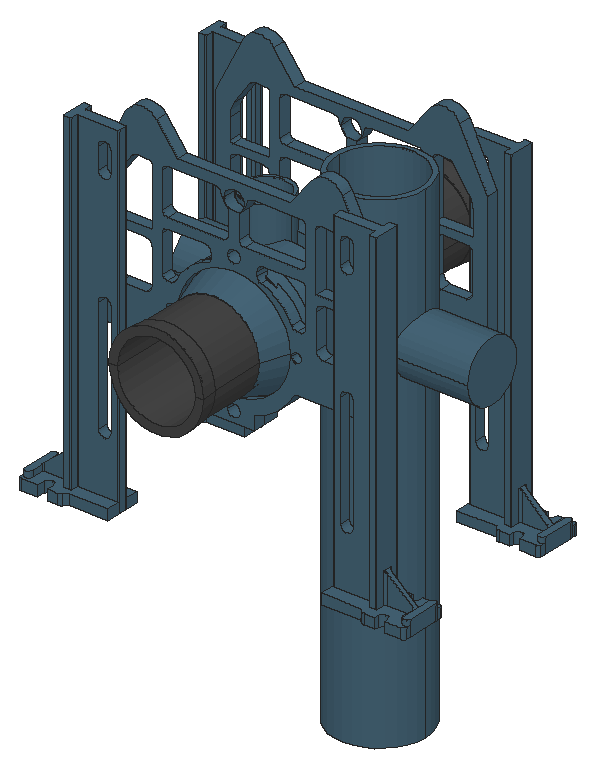
Revit family "Carrier_Closet_Offset_Vertical_Left_Hand-Zurn-Z1209-ND4", category Plumbing Fixtures, Revit 2022
Family settings
  Round Connector Dimension = Use Radius
  Part Type = Normal
  OmniClass Number = 23.45.55.11
  OmniClass Title = Sanitary Components
  Work Plane-Based = No
  Always vertical = Yes
  Cut with Voids When Loaded = No
  Maintain Annotation Orientation = No
  Shared = No
  Room Calculation Point = No
Parameters (values of type "Z1209-ND")
  Width = 18.875"
  Waste Connection = 1 = 1  # yes
  WFU = 1  # constant formula
  Vertical Offset Pipe_NR4 = yes
  Vertical Offset Pipe_NL4 = no
  Vent_NR4 = yes
  Vent_NL4 = no
  Vent Pipe Radius (Nominal) = 1.000"
  Vent Connection = 1 = 0  # no
  URL = "www.zurn.com"
  Type Comments = ""
  Rough_in Height [instance] = if(Enter_Rough_in Height > 9.500", 9.500", if(Enter_Rough_in Height < 4.500", 4.500", Enter_Rough_in Height))  # 9.500"
  Product data url = "https://www.bimobject.com/en/zurnindustries/product/zurn-z1209"
  Product Page URL = "https://www.zurn.com/products/drainage-interceptors/carriers-fixture-supports/water-closet-toilet-carriers/z1209"
  Product Installation Sheet URL = "https://files.zurn.com/care-cleaning-install-warranty-sheets/c17.pdf"
  Product Documentation Link = "https://files.zurn.com/spec-sheets/z1209-n.pdf"
  Outlet Pipe Radius (Outer) = 2.250"
  Outlet Pipe Radius (Nominal) = 2.000"
  Outlet Pipe Radius (Inside) = 2.013"
  Modified Date = "11/04/2025"  # constant formula
  Model lines_NR4 = yes
  Model Lines_NL4 = no
  Model = "Z1209-N"  # constant formula
  Masking region_NR4 = yes
  Masking region_NL4 = no
  Manufacurer Brand = "Zurn"  # constant formula
  Manufacturer = "Zurn Water, LLC"  # constant formula
  Main Material = Iron - Zurn - Cast - Painted - Blue
  Horizontal Pipe_NR4 = yes
  Horizontal Pipe_NL4 = no
  Height = 16.750"
  HWFU = 0  # constant formula
  HW Connection = 1 = 0  # no
  Enter_Rough_in Height [instance] = 9.500"
  Enter_P_Coupling Length [instance] = 4.500"
  Vent Pipe Radius (Inside) = 1.034"
  Vent Pipe Radius (Outer) = 1.188"
  Dimension - B = 24.000"
  Dimension - N = 8.250"
  Dimension - E = 4.125"
  Description = "VERTICAL OFFSET SIPHON JET WATER CLOSET SUPPORT SYSTEM NO-HUB SERIES"  # constant formula
  Default Elevation = 2.375"
  Date Created = "01/12/2017"  # constant formula
  Coupling_Length (P) [instance] = if(Enter_P_Coupling Length < 4.000", 4.000", if(Enter_P_Coupling Length > 5.125", 5.125", Enter_P_Coupling Length))  # 4.500"
  Coupling Radius = 2.000"  # constant formula
  Coupling Material = ABS - Zurn - Plastic
  Connector Ditance from Leg Center = 4.250"
  CWFU = 0  # constant formula
  CW Connection = 1 = 0  # no
  Assembly Code = ""
  Approx. Weight (Lbs) = 109.000"
Reference planes (in)
  plane 1 "Center (Front/Back)": y = 0
  plane 2: z = 0
  plane 3 "Center (Left/Right)": x = 0
  plane 4: z = 16.75
  plane 5: z = 1
  plane 6: z = 16.75
  plane 7: x = 9.51067
  plane 8: x = -9.4375
  plane 9: x = 9.4375
  plane 10: z = 16.75
  plane 11: z = 1
  plane 12: z = 16.75
  plane 13: x = -9.51067
  plane 14: z = 1.25
  plane 15: x = 7.3375
  plane 16: x = 10.1175
  plane 17: z = 2.25
  plane 18: z = 2.25
  plane 19: z = 15.75
  plane 20: x = -5.9225
  plane 21: x = 5.9375
  plane 22: x = -5.2375
  plane 23: z = 10.1875
  plane 24: z = 8.9375
  plane 25: z = 9.5625
  plane 26: z = 15.75
  plane 27: x = 5.9225
  plane 28: x = -5.9375
  plane 29: x = 5.2375
  plane 30: z = 10.1875
  plane 31: z = 8.9375
  plane 32: z = 9.5625
  plane 33: y = 0.25
  plane 34: y = -0.25
  plane 35: y = 0.125
  plane 36: z = 16.75
  plane 37: z = 14.6875
  plane 38: x = -4.5
  plane 39: x = 4.5
  plane 40: z = 16.1875
  plane 41: x = -5.2375
  plane 42: x = 5.2375
  plane 43: x = -3.8625
  plane 44: x = 2.60138
  plane 45 "Horizontal Mid Plane": z = 9.5
  plane 46: z = 17
  plane 47: z = 1.875
  plane 48: z = 7.87538
  plane 49: x = -2.7809
  plane 50: x = 2.7809
  plane 51: x = 6.63045
  plane 52: x = -6.63045
  plane 53: z = 6.18766
  plane 54: x = -1
  plane 55: x = 1
  plane 56: z = 5.58788
  plane 57: z = 15.6875
  plane 58: x = -3.5
  plane 59: x = 3.5
  plane 60: x = 3.0625
  plane 61: z = 6.125
  plane 62: y = 1
  plane 63: x = 2.1875
  plane 64: y = 4.5
  plane 65: y = 3.75
  plane 66: y = 4.5
  plane 67: x = -1.5
  plane 68: x = -1.5
  plane 69: x = 1.5
  plane 70: x = -2.1875
  plane 71: x = 3.5
  plane 72: y = 1.15625
  plane 73: y = -1.15625
  plane 74: z = 13.5625
  plane 75: z = -7.6875
  plane 76: y = -0.729
  plane 77: y = -2
  plane 78: z = 13.5
  plane 79: z = 3.20154
  plane 80: z = 10.5
  plane 81 "yy": y = -6.5
  plane 82: z = 10.25
  plane 83: z = 0.75
  plane 84: y = -2
  plane 85: y = -7.42841
  plane 86 "B & H Plane": z = 16.3125
  plane 87: y = 0
  plane 88: z = 9.6875
  plane 89: y = 2.25
  plane 90: y = 1.188
  plane 91: y = -1.188
  plane 92: x = -2.3125
  plane 93: x = 2.3125
  plane 94 "X Plane": z = 11.5
  plane 95: z = 7.5
  plane 96: z = -11.187
  plane 97: x = 1.188
  plane 98: x = -1.188
  plane 99 "MIDD": y = -3.75
  plane 100: x = -2.81065
  plane 101: x = 2.60138
  plane 102: x = 1.188
  plane 103: x = -1.188
  plane 104: x = -2.25
  plane 105: x = 2.25
  plane 106 "C PLANE": x = -1.188
  plane 107 "C PLANE-2": x = 1.188
  plane 108 "Plane for stand": y = -9.75
  plane 109: y = -1.35038
  plane 110: y = -8.75
  plane 111: y = -8.25
  plane 112: y = -7.92742
  plane 113: y = -6.68399
  plane 114: x = -1.74852
  plane 115: x = 1.75
  plane 116: x = 3.02717
  plane 117: x = -2.59708
  plane 118: x = -3
  plane 119: y = -18.49644
  plane 120: y = -4.938
  plane 121: z = 16.3125
  plane 122: z = 16.8125
  plane 123: z = 19.3125
  plane 124: y = -0.938
  plane 125: x = 6.57627
  plane 126 "Offset Plane": x = 4
  plane 127 "New Plane 1": x = 9.5
  plane 128 "New Plane 2": x = -5
  plane 129: y = 3.95924
  plane 130 "Vent Plane": x = -1.5
  plane 131: x = 6.25
  plane 132 "Offset R plane": x = -3.99926
  plane 133: x = 5
  plane 134: x = 5
  plane 135: x = -9.5
  plane 136: x = -2.688
  plane 137: x = -0.312
  plane 138: x = 0.312
  plane 139: x = 2.688
  plane 140 "Vent Plane _L4": x = 1.5
  plane 141: y = -1.5
  plane 142: y = -2.562
  plane 143: y = -1.5
  plane 144: x = -6.25
  plane 145: y = -7.92742
  plane 146 "New Plane_ND": y = -4.125
  plane 147 "N plane": y = -10.98441
  plane 148: y = -12.75
  plane 149: y = -12
  plane 150: y = -9.25
  plane 151: x = 2.1875
  plane 152: y = -7.09375
  plane 153: y = -9.40625
  plane 154: z = 16.75
  plane 155: z = 1
  plane 156: z = 16.75
  plane 157: z = 1
  plane 158: z = 16.75
  plane 159: x = -9.51067
  plane 160: z = 2.25
  plane 161: z = 2.25
  plane 162: y = -8.5
  plane 163: y = -8
  plane 164: y = -8.375
  plane 165: z = 16.75
  plane 166: z = 1
  plane 167: z = 16.75
  plane 168: x = 9.51067
  plane 169: z = 15.75
  plane 170: x = -5.9225
  plane 171: x = 5.9375
  plane 172: x = -5.2375
  plane 173: z = 10.1875
  plane 174: z = 8.9375
  plane 175: z = 9.5625
  plane 176: z = 15.75
  plane 177: x = 5.9225
  plane 178: x = -5.9375
  plane 179: x = 5.2375
  plane 180: z = 10.1875
  plane 181: z = 8.9375
  plane 182: z = 9.5625
  plane 183: z = 7.8755
  plane 184: x = -2.7809
  plane 185: x = 2.7809
  plane 186: x = 6.63045
  plane 187: x = -6.63045
  plane 188: z = 6.2505
  plane 189: x = -1
  plane 190: x = 1
  plane 191: z = 1.08788
  plane 192: z = 5.58788
  plane 193: z = 15.3125
  plane 194: y = -7.42841
  plane 195: y = -0.25
  plane 196: x = -7.14571
  plane 197: x = -3
  plane 198: x = 3
  plane 199: y = -8
  plane 200: y = -7.31862
  plane 201: y = -8
  plane 202: x = 2.50134
  plane 203: x = 7.14556
  plane 204: y = -12.75
  plane 205: y = -2.937
  plane 206: y = -5.313
Forms (in)
  Sweep 1, solid, material "Iron - Zurn - Cast - Painted - Blue" <- "Main Material", detail levels fine
    path origin (17.7625, 0, 0) x (1, 0, 0) y (0, 0, 1)
      loop
        line (-23, 0) -> (-23, 0.5)
    profile origin (-5.2375, 0, 0.25) x (-1, 0, 0) y (0, -1, 0)
      loop
        arc (4.2, 1.06445) -> (4.1328, 1.13165) -> (4.04099, 1.15625) r 0.1836
        line (4.04099, 1.15625) -> (3.24597, 1.15625) -> (3.24597, 0.99724)
        arc (3.24597, 0.99724) -> (3.00746, 0.75874) -> (2.76895, 0.99724) r 0.23851
        line (2.76895, 0.99724) -> (2.76895, 1.15625) -> (2.24328, 1.15625)
        arc (2.24328, 1.15625) -> (2.14359, 1.13481) -> (2.05724, 1.08056) r 0.29363
        line (2.05724, 1.08056) -> (1.90806, 0.82159) -> (0, 0.82159) -> (0, -1.15625) -> (2.20764, -1.15625) -> (2.76895, -1.15625) -> (2.76895, -0.79503)
        arc (2.76895, -0.79503) -> (3.00746, -0.55652) -> (3.24597, -0.79503) r 0.23851
        line (3.24597, -0.79503) -> (3.24597, -1.15625) -> (4.04099, -1.15625)
        arc (4.04099, -1.15625) -> (4.15343, -1.10968) -> (4.2, -0.99724) r 0.15901
        line (4.2, -0.99724) -> (4.2, 1.06445)
  Sweep 2, solid, material "Iron - Zurn - Cast - Painted - Blue" <- "Main Material", detail levels fine
    path origin (-17.68933, 0, 0) x (-1, 0, 0) y (0, 0, -1)
      loop
        line (-23, 0) -> (-23, -16.75)
    profile origin (5.31067, 0, 8.375) x (-1, 0, 0) y (0, -1, 0)
      loop
        line (14.74817, 0) -> (14.74817, 0.77375)
        arc (14.74817, 0.77375) -> (14.57914, 0.94278) -> (14.41011, 0.77375) r 0.16903
        line (14.41011, 0.77375) -> (14.41011, 0.25284)
        arc (14.41011, 0.25284) -> (14.37267, 0.16244) -> (14.28227, 0.125) r 0.12784
        line (14.28227, 0.125) -> (13.05094, 0.125)
        arc (13.05094, 0.125) -> (12.98255, 0.15333) -> (12.95422, 0.22172) r 0.09672
        line (12.95422, 0.22172) -> (12.95422, 0.59656)
        arc (12.95422, 0.59656) -> (12.94432, 0.62047) -> (12.92041, 0.63037) r 0.03382
        line (12.92041, 0.63037) -> (12.64419, 0.63037)
        arc (12.64419, 0.63037) -> (12.60743, 0.61515) -> (12.59221, 0.5784) r 0.05198
        line (12.59221, 0.5784) -> (12.59221, 0.30224)
        arc (12.59221, 0.30224) -> (12.57691, 0.2653) -> (12.53997, 0.25) r 0.05224
        line (12.53997, 0.25) -> (10.65799, 0.25)
        arc (10.65799, 0.25) -> (10.58033, 0.21783) -> (10.54817, 0.14018) r 0.10982
        line (10.54817, 0.14018) -> (10.54817, 0) -> (10.54817, -0.17683)
        arc (10.54817, -0.17683) -> (10.5696, -0.22857) -> (10.62133, -0.25) r 0.07317
        line (10.62133, -0.25) -> (12.53997, -0.25)
        arc (12.53997, -0.25) -> (12.57691, -0.2653) -> (12.59221, -0.30224) r 0.05224
        line (12.59221, -0.30224) -> (12.59221, -0.5784)
        arc (12.59221, -0.5784) -> (12.60743, -0.61515) -> (12.64419, -0.63037) r 0.05198
        line (12.64419, -0.63037) -> (12.92041, -0.63037)
        arc (12.92041, -0.63037) -> (12.94432, -0.62047) -> (12.95422, -0.59656) r 0.03382
        line (12.95422, -0.59656) -> (12.95422, -0.22172)
        arc (12.95422, -0.22172) -> (12.98255, -0.15333) -> (13.05094, -0.125) r 0.09672
        line (13.05094, -0.125) -> (14.30998, -0.125)
        arc (14.30998, -0.125) -> (14.35466, -0.14351) -> (14.37317, -0.18819) r 0.06319
        line (14.37317, -0.18819) -> (14.37317, -0.76369)
        arc (14.37317, -0.76369) -> (14.56067, -0.95119) -> (14.74817, -0.76369) r 0.1875
        line (14.74817, -0.76369) -> (14.74817, 0)
  Sweep 3, solid, material "Iron - Zurn - Cast - Painted - Blue" <- "Main Material", detail levels fine
    path origin (-17.7625, 0, 0) x (-1, 0, 0) y (0, 0, -1)
      loop
        line (-23, 0) -> (-23, -0.5)
    profile origin (5.2375, 0, 0.25) x (-1, 0, 0) y (0, -1, 0)
      loop
        line (-4.2, 1.06445) -> (-4.2, -0.99724)
        arc (-4.2, -0.99724) -> (-4.15343, -1.10968) -> (-4.04099, -1.15625) r 0.15901
        line (-4.04099, -1.15625) -> (-3.24597, -1.15625) -> (-3.24597, -0.99724)
        arc (-3.24597, -0.99724) -> (-3.00746, -0.75874) -> (-2.76895, -0.99724) r 0.23851
        line (-2.76895, -0.99724) -> (-2.76895, -1.15625) -> (-2.24328, -1.15625)
        arc (-2.24328, -1.15625) -> (-2.14359, -1.13481) -> (-2.05724, -1.08056) r 0.29363
        line (-2.05724, -1.08056) -> (-1.90806, -0.93138) -> (0, -0.93138) -> (0, 0.93138) -> (-1.90806, 0.93138) -> (-2.05724, 1.08056)
        arc (-2.05724, 1.08056) -> (-2.14359, 1.13481) -> (-2.24328, 1.15625) r 0.29363
        line (-2.24328, 1.15625) -> (-2.76895, 1.15625) -> (-2.76895, 0.99724)
        arc (-2.76895, 0.99724) -> (-3.00746, 0.75874) -> (-3.24597, 0.99724) r 0.23851
        line (-3.24597, 0.99724) -> (-3.24597, 1.15625) -> (-4.04099, 1.15625)
        arc (-4.04099, 1.15625) -> (-4.1328, 1.13165) -> (-4.2, 1.06445) r 0.1836
  Sweep 4, solid, material "Iron - Zurn - Cast - Painted - Blue" <- "Main Material", detail levels fine
    path origin (17.68933, 0, 0) x (1, 0, 0) y (0, 0, 1)
      loop
        line (-23, 0) -> (-23, 16.75)
    profile origin (-5.31067, 0, 8.375) x (-1, 0, 0) y (0, -1, 0)
      loop
        line (-14.74817, 0) -> (-14.74817, -0.76369)
        arc (-14.74817, -0.76369) -> (-14.56067, -0.95119) -> (-14.37317, -0.76369) r 0.1875
        line (-14.37317, -0.76369) -> (-14.37317, -0.18819)
        arc (-14.37317, -0.18819) -> (-14.35466, -0.14351) -> (-14.30998, -0.125) r 0.06319
        line (-14.30998, -0.125) -> (-13.05094, -0.125)
        arc (-13.05094, -0.125) -> (-12.98255, -0.15333) -> (-12.95422, -0.22172) r 0.09672
        line (-12.95422, -0.22172) -> (-12.95422, -0.59656)
        arc (-12.95422, -0.59656) -> (-12.94432, -0.62047) -> (-12.92041, -0.63037) r 0.03382
        line (-12.92041, -0.63037) -> (-12.64419, -0.63037)
        arc (-12.64419, -0.63037) -> (-12.60743, -0.61515) -> (-12.59221, -0.5784) r 0.05198
        line (-12.59221, -0.5784) -> (-12.59221, -0.30224)
        arc (-12.59221, -0.30224) -> (-12.57691, -0.2653) -> (-12.53997, -0.25) r 0.05224
        line (-12.53997, -0.25) -> (-10.62133, -0.25)
        arc (-10.62133, -0.25) -> (-10.5696, -0.22857) -> (-10.54817, -0.17683) r 0.07317
        line (-10.54817, -0.17683) -> (-10.54817, 0) -> (-10.54817, 0.14018)
        arc (-10.54817, 0.14018) -> (-10.58033, 0.21783) -> (-10.65799, 0.25) r 0.10982
        line (-10.65799, 0.25) -> (-12.53997, 0.25)
        arc (-12.53997, 0.25) -> (-12.57691, 0.2653) -> (-12.59221, 0.30224) r 0.05224
        line (-12.59221, 0.30224) -> (-12.59221, 0.5784)
        arc (-12.59221, 0.5784) -> (-12.60743, 0.61515) -> (-12.64419, 0.63037) r 0.05198
        line (-12.64419, 0.63037) -> (-12.92041, 0.63037)
        arc (-12.92041, 0.63037) -> (-12.94432, 0.62047) -> (-12.95422, 0.59656) r 0.03382
        line (-12.95422, 0.59656) -> (-12.95422, 0.22172)
        arc (-12.95422, 0.22172) -> (-12.98255, 0.15333) -> (-13.05094, 0.125) r 0.09672
        line (-13.05094, 0.125) -> (-14.28227, 0.125)
        arc (-14.28227, 0.125) -> (-14.37267, 0.16244) -> (-14.41011, 0.25284) r 0.12784
        line (-14.41011, 0.25284) -> (-14.41011, 0.77375)
        arc (-14.41011, 0.77375) -> (-14.57914, 0.94278) -> (-14.74817, 0.77375) r 0.16903
        line (-14.74817, 0.77375) -> (-14.74817, 0)
  Extrusion 5, void
    sketch origin (0, 0, 0) x (1, 0, 0) y (0, 0, 1)
      loop
        line (7.64356, 16.75) -> (7.64356, 1.99495) -> (9.07571, 0.75) -> (10.1175, 0.75) -> (10.1175, 16.75) -> (7.64356, 16.75)
    from -1.15625 to 1.15651
  Extrusion 6, void
    sketch origin (0, 0, 0) x (-1, 0, 0) y (0, 0, -1)
      loop
        line (7.64356, -16.75) -> (10.1175, -16.75) -> (10.1175, -0.75) -> (9.09394, -0.75) -> (7.64356, -1.99495) -> (7.64356, -16.75)
    from -3.06406 to 1.15651
  Extrusion 7, void
    sketch origin (0, 0, 0) x (1, 0, 0) y (0, 0, 1)
      loop
        line (-6.235, 15.75) -> (-6.235, 10.1875)
        arc (-6.235, 10.1875) -> (-5.9225, 9.875) -> (-5.61, 10.1875) r 0.3125
        line (-5.61, 10.1875) -> (-5.61, 15.75)
        arc (-5.61, 15.75) -> (-5.9225, 16.0625) -> (-6.235, 15.75) r 0.3125
      loop
        arc (-6.235, 3.375) -> (-5.9225, 3.0625) -> (-5.61, 3.375) r 0.3125
        line (-5.61, 3.375) -> (-5.61, 8.9375)
        arc (-5.61, 8.9375) -> (-5.9225, 9.25) -> (-6.235, 8.9375) r 0.3125
        line (-6.235, 8.9375) -> (-6.235, 3.375)
    from -0.63037 to 1.15651
  Extrusion 8, void
    sketch origin (0, 0, 0) x (-1, 0, 0) y (0, 0, -1)
      loop
        arc (-6.235, -15.75) -> (-5.9225, -16.0625) -> (-5.61, -15.75) r 0.3125
        line (-5.61, -15.75) -> (-5.61, -10.1875)
        arc (-5.61, -10.1875) -> (-5.9225, -9.875) -> (-6.235, -10.1875) r 0.3125
        line (-6.235, -10.1875) -> (-6.235, -15.75)
      loop
        line (-6.235, -3.375) -> (-6.235, -8.9375)
        arc (-6.235, -8.9375) -> (-5.9225, -9.25) -> (-5.61, -8.9375) r 0.3125
        line (-5.61, -8.9375) -> (-5.61, -3.375)
        arc (-5.61, -3.375) -> (-5.9225, -3.0625) -> (-6.235, -3.375) r 0.3125
    from -0.63037 to 1.15651
  Extrusion 9, solid, material "Iron - Zurn - Cast - Painted - Blue" <- "Main Material", detail levels fine
    sketch origin (0, 0, 0) x (1, 0, 0) y (0, 0, 1)
      loop
        line (-2.7809, 16.1875) -> (-3.804, 17.5303)
        arc (-3.804, 17.5303) -> (-4.58241, 17.87111) -> (-5.2831, 17.39037) r 0.875
        line (-5.2831, 17.39037) -> (-6.63045, 14.6875) -> (-6.63045, 7.87538) -> (-3.05487, 7.87538)
        arc (-3.05487, 7.87538) -> (-2.19604, 6.82624) -> (-1, 6.18766) r 3.46
        line (-1, 6.18766) -> (-1, 5.58788) -> (1, 5.58788) -> (1, 6.18766)
        arc (1, 6.18766) -> (2.19604, 6.82624) -> (3.05487, 7.87538) r 3.46
        line (3.05487, 7.87538) -> (6.63045, 7.87538) -> (6.63045, 14.6875) -> (5.2831, 17.39037)
        arc (5.2831, 17.39037) -> (4.58241, 17.87111) -> (3.804, 17.5303) r 0.875
        line (3.804, 17.5303) -> (2.7809, 16.1875) -> (-2.7809, 16.1875)
    from 0.25 to 0.82159
  Extrusion 10, void
    sketch origin (0, 0, 0) x (1, 0, 0) y (0, 0, 1)
      loop
        arc (-3.25, 15.6875) -> (-3.42678, 15.61428) -> (-3.5, 15.4375) r 0.25
        line (-3.5, 15.4375) -> (-3.5, 13.69494)
        arc (-3.5, 13.69494) -> (-3.42678, 13.51816) -> (-3.25, 13.44494) r 0.25
        line (-3.25, 13.44494) -> (-0.5, 13.44494)
        arc (-0.5, 13.44494) -> (-0.32322, 13.51816) -> (-0.25, 13.69494) r 0.25
        line (-0.25, 13.69494) -> (-0.25, 14.86509)
        arc (-0.25, 14.86509) -> (-0.51673, 15.15947) -> (-0.65305, 15.53259) r 1.03592
        arc (-0.65305, 15.53259) -> (-0.76954, 15.64609) -> (-0.92682, 15.6875) r 0.31937
        line (-0.92682, 15.6875) -> (-3.25, 15.6875)
      loop
        line (3.25, 15.6875) -> (0.92682, 15.6875)
        arc (0.92682, 15.6875) -> (0.76954, 15.64609) -> (0.65305, 15.53259) r 0.31937
        arc (0.65305, 15.53259) -> (0.51673, 15.15947) -> (0.25, 14.86509) r 1.03592
        line (0.25, 14.86509) -> (0.25, 13.69494)
        arc (0.25, 13.69494) -> (0.32322, 13.51816) -> (0.5, 13.44494) r 0.25
        line (0.5, 13.44494) -> (3.25, 13.44494)
        arc (3.25, 13.44494) -> (3.42678, 13.51816) -> (3.5, 13.69494) r 0.25
        line (3.5, 13.69494) -> (3.5, 15.4375)
        arc (3.5, 15.4375) -> (3.42678, 15.61428) -> (3.25, 15.6875) r 0.25
      loop
        line (4, 15.47357) -> (4, 12.625) -> (5.9375, 12.625) -> (5.9375, 13.76778)
        arc (5.9375, 13.76778) -> (5.87965, 14.14366) -> (5.71144, 14.48475) r 1.25
        line (5.71144, 14.48475) -> (4.94391, 15.58089)
        arc (4.94391, 15.58089) -> (4.85456, 15.65925) -> (4.73912, 15.6875) r 0.25
        line (4.73912, 15.6875) -> (4.21393, 15.6875)
        arc (4.21393, 15.6875) -> (4.06266, 15.62484) -> (4, 15.47357) r 0.21393
      loop
        arc (-3.99926, 15.47357) -> (-4.06192, 15.62484) -> (-4.21319, 15.6875) r 0.21393
        line (-4.21319, 15.6875) -> (-4.73912, 15.6875)
        arc (-4.73912, 15.6875) -> (-4.85456, 15.65925) -> (-4.94391, 15.58089) r 0.25
        line (-4.94391, 15.58089) -> (-5.71144, 14.48475)
        arc (-5.71144, 14.48475) -> (-5.87965, 14.14366) -> (-5.9375, 13.76778) r 1.25
        line (-5.9375, 13.76778) -> (-5.9375, 12.74926)
        arc (-5.9375, 12.74926) -> (-5.90089, 12.66087) -> (-5.8125, 12.62426) r 0.125
        line (-5.8125, 12.62426) -> (-3.99926, 12.62426) -> (-3.99926, 15.47357)
      loop
        line (-3.5, 12.69494) -> (-3.5, 10.8744)
        arc (-3.5, 10.8744) -> (-3.43909, 10.72735) -> (-3.29205, 10.66644) r 0.20795
        line (-3.29205, 10.66644) -> (-3.06674, 10.66644)
        arc (-3.06674, 10.66644) -> (-2.91657, 10.71061) -> (-2.81065, 10.82586) r 0.29267
        arc (-2.81065, 10.82586) -> (-2.19195, 11.6595) -> (-1.26847, 12.13377) r 2.28719
        arc (-1.26847, 12.13377) -> (-1.15787, 12.25228) -> (-1.11773, 12.40933) r 0.32722
        line (-1.11773, 12.40933) -> (-1.11773, 12.61898)
        arc (-1.11773, 12.61898) -> (-1.2256, 12.84324) -> (-1.45272, 12.94494) r 0.36214
        line (-1.45272, 12.94494) -> (-3.25, 12.94494)
        arc (-3.25, 12.94494) -> (-3.42678, 12.87172) -> (-3.5, 12.69494) r 0.25
      loop
        arc (3.5, 12.69494) -> (3.42678, 12.87172) -> (3.25, 12.94494) r 0.25
        line (3.25, 12.94494) -> (1.45272, 12.94494)
        arc (1.45272, 12.94494) -> (1.2256, 12.84324) -> (1.11773, 12.61898) r 0.36214
        line (1.11773, 12.61898) -> (1.11773, 12.40933)
        arc (1.11773, 12.40933) -> (1.15787, 12.25228) -> (1.26847, 12.13377) r 0.32722
        arc (1.26847, 12.13377) -> (2.19195, 11.6595) -> (2.81065, 10.82586) r 2.28719
        arc (2.81065, 10.82586) -> (2.91657, 10.71061) -> (3.06674, 10.66644) r 0.29267
        line (3.06674, 10.66644) -> (3.29205, 10.66644)
        arc (3.29205, 10.66644) -> (3.43909, 10.72735) -> (3.5, 10.8744) r 0.20795
        line (3.5, 10.8744) -> (3.5, 12.69494)
      loop
        arc (-5.58933, 12.24926) -> (-5.82117, 12.15322) -> (-5.91721, 11.92138) r 0.32788
        line (-5.91721, 11.92138) -> (-5.91721, 10.17274)
        arc (-5.91721, 10.17274) -> (-5.81196, 9.91753) -> (-5.55697, 9.81176) r 0.36024
        line (-5.55697, 9.81176) -> (-4.34636, 9.81176)
        arc (-4.34636, 9.81176) -> (-4.10668, 9.91104) -> (-4.0074, 10.15072) r 0.33896
        line (-4.0074, 10.15072) -> (-4.0074, 11.88024)
        arc (-4.0074, 11.88024) -> (-4.11549, 12.14118) -> (-4.37642, 12.24926) r 0.36901
        line (-4.37642, 12.24926) -> (-5.58933, 12.24926)
      loop
        line (5.58933, 12.25) -> (4.37642, 12.25)
        arc (4.37642, 12.25) -> (4.11601, 12.14214) -> (4.00815, 11.88173) r 0.36827
        line (4.00815, 11.88173) -> (4.00815, 10.15072)
        arc (4.00815, 10.15072) -> (4.10721, 9.91156) -> (4.34636, 9.8125) r 0.33822
        line (4.34636, 9.8125) -> (5.55697, 9.8125)
        arc (5.55697, 9.8125) -> (5.81169, 9.91801) -> (5.91721, 10.17274) r 0.36024
        line (5.91721, 10.17274) -> (5.91721, 11.92212)
        arc (5.91721, 11.92212) -> (5.82117, 12.15397) -> (5.58933, 12.25) r 0.32788
      loop
        circle (0, 12.875) r 0.3125
      loop
        circle (3.0625, 9.5) r 0.25
      loop
        circle (-3.0625, 9.5) r 0.25
      loop
        circle (0, 6.125) r 0.3125
      loop
        circle (0, 9.5) r 2.75
    from -2.25 to 10.98441
  Revolve 11, solid, material "Iron - Zurn - Cast - Painted - Blue" <- "Main Material", detail levels fine
    sketch origin (0, 0, 9.5) x (-1, 0, 0) y (0, -1, 0)
      loop
        line (-2.1875, -1) -> (-2.10138, -1) -> (-2.65029, 0.68938) -> (-2.73641, 0.68938) -> (-2.1875, -1)
      axis (0, -1) -> (0, 0.68938)
    angle from 0 to 360
  Revolve 12, solid, material "ABS - Zurn - Plastic" <- "Coupling Material", detail levels fine
    sketch origin (0, 0, 9.5) x (-1, 0, 0) y (0, -1, 0)
      loop
        line (1.89768, -0.25327) -> (1.89768, -4.5) -> (2.3125, -4.5) -> (2.24688, -3.75) -> (2.1875, -3.75) -> (2.1875, -0.25327) -> (1.89768, -0.25327)
      axis (0, -4.5) -> (0, -0.25327)
    angle from 0 to 360
  Extrusion 13, solid, material "Iron - Zurn - Cast - Painted - Blue" <- "Main Material", visible <- "Vertical Offset Pipe_NR4", detail levels fine
    sketch origin (0, 0, 0) x (1, 0, 0) y (0, 1, 0)
      loop
        circle (4, -4.125) r 2.013
      loop
        circle (4, -4.125) r 2.25
    from -7.6875 to 16.3125
  Extrusion 14, solid, material "Iron - Zurn - Cast - Painted - Blue" <- "Main Material", detail levels fine
    sketch origin (0, 0, 0) x (1, 0, 0) y (0, 0, 1)
      loop
        circle (0, 9.5) r 3
    from 0.64992 to 1.35038
  Extrusion 15, solid, material "Iron - Zurn - Cast - Painted - Blue" <- "Main Material", visible <- "Vent_NR4", detail levels fine
    sketch origin (0, -5.74975, -7.6875) x (1, 0, 0) y (0, -1, 0)
      loop
        circle (-1.5, -1.62475) r 1.188
      loop
        circle (-1.5, -1.62475) r 1.034
    from -21.25 to -17.1875
  Extrusion 16, solid, material "Iron - Zurn - Cast - Painted - Blue" <- "Main Material", visible <- "Horizontal Pipe_NR4", detail levels fine
    sketch origin (0, 0, 0) x (0, 1, 0) y (0, 0, 1)
      loop
        circle (-4.125, 9.5) r 1.46875
    from -5 to 9.5
  Extrusion 17, solid, material "Iron - Zurn - Cast - Painted - Blue" <- "Main Material", detail levels fine
    sketch origin (-15.25, -3.75, 48) x (-1, 0, 0) y (0, 0, 1)
      loop
        circle (-15.25, -38.5) r 2.5
    from 0 to 2.89962
  Revolve 18, solid, material "ABS - Zurn - Plastic" <- "Coupling Material", detail levels fine
    sketch origin (0, -8.25, 9.5) x (-1, 0, 0) y (0, -1, 0)
      loop
        line (1.89768, 0.25327) -> (2.1875, 0.25327) -> (2.1875, 3.75) -> (2.24688, 3.75) -> (2.3125, 4.5) -> (1.89768, 4.5) -> (1.89768, 0.25327)
      axis (0, 4.5) -> (0, 0.25327)
    angle from 0 to 360
  Extrusion 19, solid, material "Iron - Zurn - Cast - Painted - Blue" <- "Main Material", detail levels fine
    sketch origin (0, -8.25, 0) x (1, 0, 0) y (0, 0, -1)
      loop
        circle (0, -9.5) r 3
    from 0.64992 to 1.35038
  Extrusion 20, solid, material "Iron - Zurn - Cast - Painted - Blue" <- "Main Material", detail levels fine
    sketch origin (-15.25, -4.5, 48) x (-1, 0, 0) y (0, 0, -1)
      loop
        circle (-15.25, 38.5) r 2.5
    from 0 to 2.89962
  Revolve 21, solid, material "Iron - Zurn - Cast - Painted - Blue" <- "Main Material", detail levels fine
    sketch origin (0, -8.25, 9.5) x (-1, 0, 0) y (0, -1, 0)
      loop
        line (-2.1875, 1) -> (-2.73641, -0.63597) -> (-2.65029, -0.63597) -> (-2.10138, 1) -> (-2.1875, 1)
      axis (0, 1) -> (0, -0.63597)
    angle from 0 to 360
  Sweep 22, solid, material "Iron - Zurn - Cast - Painted - Blue" <- "Main Material", detail levels fine
    path origin (17.7625, -8.25, 0) x (1, 0, 0) y (0, 0, -1)
      loop
        line (-23, 0) -> (-23, -0.5)
    profile origin (-5.2375, -8.25, 0.25) x (1, 0, 0) y (0, 1, 0)
      loop
        line (-4.2, 1.06445) -> (-4.2, -0.99724)
        arc (-4.2, -0.99724) -> (-4.15343, -1.10968) -> (-4.04099, -1.15625) r 0.15901
        line (-4.04099, -1.15625) -> (-3.24597, -1.15625) -> (-3.24597, -0.79503)
        arc (-3.24597, -0.79503) -> (-3.00746, -0.55652) -> (-2.76895, -0.79503) r 0.23851
        line (-2.76895, -0.79503) -> (-2.76895, -1.15625) -> (-2.24328, -1.15625)
        arc (-2.24328, -1.15625) -> (-2.14359, -1.13481) -> (-2.05724, -1.08056) r 0.29363
        line (-2.05724, -1.08056) -> (-1.90806, -0.93138) -> (0, -0.93138) -> (0, 0.82159) -> (-1.90806, 0.82159) -> (-2.05724, 1.08056)
        arc (-2.05724, 1.08056) -> (-2.14359, 1.13481) -> (-2.24328, 1.15625) r 0.29363
        line (-2.24328, 1.15625) -> (-2.76895, 1.15625) -> (-2.76895, 0.99724)
        arc (-2.76895, 0.99724) -> (-3.00746, 0.75874) -> (-3.24597, 0.99724) r 0.23851
        line (-3.24597, 0.99724) -> (-3.24597, 1.15625) -> (-4.04099, 1.15625)
        arc (-4.04099, 1.15625) -> (-4.1328, 1.13165) -> (-4.2, 1.06445) r 0.1836
  Sweep 23, solid, material "Iron - Zurn - Cast - Painted - Blue" <- "Main Material", detail levels fine
    path origin (-17.7625, -8.25, 0) x (-1, 0, 0) y (0, 0, 1)
      loop
        line (-23, 0) -> (-23, 0.5)
    profile origin (5.2375, -8.25, 0.25) x (1, 0, 0) y (0, 1, 0)
      loop
        arc (4.2, 1.06445) -> (4.1328, 1.13165) -> (4.04099, 1.15625) r 0.1836
        line (4.04099, 1.15625) -> (3.24597, 1.15625) -> (3.24597, 0.99724)
        arc (3.24597, 0.99724) -> (3.00746, 0.75874) -> (2.76895, 0.99724) r 0.23851
        line (2.76895, 0.99724) -> (2.76895, 1.15625) -> (2.24328, 1.15625)
        arc (2.24328, 1.15625) -> (2.14359, 1.13481) -> (2.05724, 1.08056) r 0.29363
        line (2.05724, 1.08056) -> (1.90806, 0.93138) -> (0, 0.93138) -> (0, -0.93138) -> (1.90806, -0.93138) -> (2.05724, -1.08056)
        arc (2.05724, -1.08056) -> (2.14359, -1.13481) -> (2.24328, -1.15625) r 0.29363
        line (2.24328, -1.15625) -> (2.76895, -1.15625) -> (2.76895, -0.99724)
        arc (2.76895, -0.99724) -> (3.00746, -0.75874) -> (3.24597, -0.99724) r 0.23851
        line (3.24597, -0.99724) -> (3.24597, -1.15625) -> (4.04099, -1.15625)
        arc (4.04099, -1.15625) -> (4.15343, -1.10968) -> (4.2, -0.99724) r 0.15901
        line (4.2, -0.99724) -> (4.2, 1.06445)
  Sweep 24, solid, material "Iron - Zurn - Cast - Painted - Blue" <- "Main Material", detail levels fine
    path origin (17.68933, -8.25, 0) x (1, 0, 0) y (0, 0, -1)
      loop
        line (-23, 0) -> (-23, -16.75)
    profile origin (-5.31067, -8.25, 8.375) x (1, 0, 0) y (0, 1, 0)
      loop
        line (14.74817, 0) -> (14.74817, 0.77375)
        arc (14.74817, 0.77375) -> (14.57914, 0.94278) -> (14.41011, 0.77375) r 0.16903
        line (14.41011, 0.77375) -> (14.41011, 0.25284)
        arc (14.41011, 0.25284) -> (14.37267, 0.16244) -> (14.28227, 0.125) r 0.12784
        line (14.28227, 0.125) -> (13.05094, 0.125)
        arc (13.05094, 0.125) -> (12.98255, 0.15333) -> (12.95422, 0.22172) r 0.09672
        line (12.95422, 0.22172) -> (12.95422, 0.59656)
        arc (12.95422, 0.59656) -> (12.94432, 0.62047) -> (12.92041, 0.63037) r 0.03382
        line (12.92041, 0.63037) -> (12.64419, 0.63037)
        arc (12.64419, 0.63037) -> (12.60743, 0.61515) -> (12.59221, 0.5784) r 0.05198
        line (12.59221, 0.5784) -> (12.59221, 0.30224)
        arc (12.59221, 0.30224) -> (12.57691, 0.2653) -> (12.53997, 0.25) r 0.05224
        line (12.53997, 0.25) -> (10.65799, 0.25)
        arc (10.65799, 0.25) -> (10.58033, 0.21783) -> (10.54817, 0.14018) r 0.10982
        line (10.54817, 0.14018) -> (10.54817, 0) -> (10.54817, -0.17683)
        arc (10.54817, -0.17683) -> (10.5696, -0.22857) -> (10.62133, -0.25) r 0.07317
        line (10.62133, -0.25) -> (12.53997, -0.25)
        arc (12.53997, -0.25) -> (12.57691, -0.2653) -> (12.59221, -0.30224) r 0.05224
        line (12.59221, -0.30224) -> (12.59221, -0.5784)
        arc (12.59221, -0.5784) -> (12.60743, -0.61515) -> (12.64419, -0.63037) r 0.05198
        line (12.64419, -0.63037) -> (12.92041, -0.63037)
        arc (12.92041, -0.63037) -> (12.94432, -0.62047) -> (12.95422, -0.59656) r 0.03382
        line (12.95422, -0.59656) -> (12.95422, -0.22172)
        arc (12.95422, -0.22172) -> (12.98255, -0.15333) -> (13.05094, -0.125) r 0.09672
        line (13.05094, -0.125) -> (14.30998, -0.125)
        arc (14.30998, -0.125) -> (14.35466, -0.14351) -> (14.37317, -0.18819) r 0.06319
        line (14.37317, -0.18819) -> (14.37317, -0.76369)
        arc (14.37317, -0.76369) -> (14.56067, -0.95119) -> (14.74817, -0.76369) r 0.1875
        line (14.74817, -0.76369) -> (14.74817, 0)
  Extrusion 25, void
    sketch origin (0, -8.25, 0) x (1, 0, 0) y (0, 0, -1)
      loop
        line (7.64356, -16.75) -> (10.1175, -16.75) -> (10.1175, -0.75) -> (9.07571, -0.75) -> (7.64356, -1.99495) -> (7.64356, -16.75)
    from -1.15625 to 1.15651
  Extrusion 26, void
    sketch origin (0, -8.25, 0) x (-1, 0, 0) y (0, 0, 1)
      loop
        line (7.64356, 16.75) -> (7.64356, 1.99495) -> (9.09394, 0.75) -> (10.1175, 0.75) -> (10.1175, 16.75) -> (7.64356, 16.75)
    from -3.06406 to 1.15651
  Sweep 27, solid, material "Iron - Zurn - Cast - Painted - Blue" <- "Main Material", detail levels fine
    path origin (17.7625, -8.25, 0) x (1, 0, 0) y (0, 0, -1)
      loop
        line (-23, 0) -> (-23, -0.5)
    profile origin (-5.2375, -8.25, 0.25) x (1, 0, 0) y (0, 1, 0)
      loop
        line (-4.2, 1.06445) -> (-4.2, -0.99724)
        arc (-4.2, -0.99724) -> (-4.15343, -1.10968) -> (-4.04099, -1.15625) r 0.15901
        line (-4.04099, -1.15625) -> (-3.24597, -1.15625) -> (-3.24597, -0.79503)
        arc (-3.24597, -0.79503) -> (-3.00746, -0.55652) -> (-2.76895, -0.79503) r 0.23851
        line (-2.76895, -0.79503) -> (-2.76895, -1.15625) -> (-2.24328, -1.15625)
        arc (-2.24328, -1.15625) -> (-2.14359, -1.13481) -> (-2.05724, -1.08056) r 0.29363
        line (-2.05724, -1.08056) -> (-1.90806, -0.93138) -> (0, -0.93138) -> (0, 0.82159) -> (-1.90806, 0.82159) -> (-2.05724, 1.08056)
        arc (-2.05724, 1.08056) -> (-2.14359, 1.13481) -> (-2.24328, 1.15625) r 0.29363
        line (-2.24328, 1.15625) -> (-2.76895, 1.15625) -> (-2.76895, 0.99724)
        arc (-2.76895, 0.99724) -> (-3.00746, 0.75874) -> (-3.24597, 0.99724) r 0.23851
        line (-3.24597, 0.99724) -> (-3.24597, 1.15625) -> (-4.04099, 1.15625)
        arc (-4.04099, 1.15625) -> (-4.1328, 1.13165) -> (-4.2, 1.06445) r 0.1836
  Sweep 28, solid, material "Iron - Zurn - Cast - Painted - Blue" <- "Main Material", detail levels fine
    path origin (-17.68933, -8.25, 0) x (-1, 0, 0) y (0, 0, 1)
      loop
        line (-23, 0) -> (-23, 16.75)
    profile origin (5.31067, -8.25, 8.375) x (1, 0, 0) y (0, 1, 0)
      loop
        line (-14.74817, 0) -> (-14.74817, -0.76369)
        arc (-14.74817, -0.76369) -> (-14.56067, -0.95119) -> (-14.37317, -0.76369) r 0.1875
        line (-14.37317, -0.76369) -> (-14.37317, -0.18819)
        arc (-14.37317, -0.18819) -> (-14.35466, -0.14351) -> (-14.30998, -0.125) r 0.06319
        line (-14.30998, -0.125) -> (-13.05094, -0.125)
        arc (-13.05094, -0.125) -> (-12.98255, -0.15333) -> (-12.95422, -0.22172) r 0.09672
        line (-12.95422, -0.22172) -> (-12.95422, -0.59656)
        arc (-12.95422, -0.59656) -> (-12.94432, -0.62047) -> (-12.92041, -0.63037) r 0.03382
        line (-12.92041, -0.63037) -> (-12.64419, -0.63037)
        arc (-12.64419, -0.63037) -> (-12.60743, -0.61515) -> (-12.59221, -0.5784) r 0.05198
        line (-12.59221, -0.5784) -> (-12.59221, -0.30224)
        arc (-12.59221, -0.30224) -> (-12.57691, -0.2653) -> (-12.53997, -0.25) r 0.05224
        line (-12.53997, -0.25) -> (-10.62133, -0.25)
        arc (-10.62133, -0.25) -> (-10.5696, -0.22857) -> (-10.54817, -0.17683) r 0.07317
        line (-10.54817, -0.17683) -> (-10.54817, 0) -> (-10.54817, 0.14018)
        arc (-10.54817, 0.14018) -> (-10.58033, 0.21783) -> (-10.65799, 0.25) r 0.10982
        line (-10.65799, 0.25) -> (-12.53997, 0.25)
        arc (-12.53997, 0.25) -> (-12.57691, 0.2653) -> (-12.59221, 0.30224) r 0.05224
        line (-12.59221, 0.30224) -> (-12.59221, 0.5784)
        arc (-12.59221, 0.5784) -> (-12.60743, 0.61515) -> (-12.64419, 0.63037) r 0.05198
        line (-12.64419, 0.63037) -> (-12.92041, 0.63037)
        arc (-12.92041, 0.63037) -> (-12.94432, 0.62047) -> (-12.95422, 0.59656) r 0.03382
        line (-12.95422, 0.59656) -> (-12.95422, 0.22172)
        arc (-12.95422, 0.22172) -> (-12.98255, 0.15333) -> (-13.05094, 0.125) r 0.09672
        line (-13.05094, 0.125) -> (-14.28227, 0.125)
        arc (-14.28227, 0.125) -> (-14.37267, 0.16244) -> (-14.41011, 0.25284) r 0.12784
        line (-14.41011, 0.25284) -> (-14.41011, 0.77375)
        arc (-14.41011, 0.77375) -> (-14.57914, 0.94278) -> (-14.74817, 0.77375) r 0.16903
        line (-14.74817, 0.77375) -> (-14.74817, 0)
  Extrusion 29, void
    sketch origin (0, -8.25, 0) x (1, 0, 0) y (0, 0, -1)
      loop
        arc (-6.235, -15.75) -> (-5.9225, -16.0625) -> (-5.61, -15.75) r 0.3125
        line (-5.61, -15.75) -> (-5.61, -14.6875)
        arc (-5.61, -14.6875) -> (-5.9225, -14.375) -> (-6.235, -14.6875) r 0.3125
        line (-6.235, -14.6875) -> (-6.235, -15.75)
      loop
        line (-6.235, -3.375) -> (-6.235, -8.9375)
        arc (-6.235, -8.9375) -> (-5.9225, -9.25) -> (-5.61, -8.9375) r 0.3125
        line (-5.61, -8.9375) -> (-5.61, -3.375)
        arc (-5.61, -3.375) -> (-5.9225, -3.0625) -> (-6.235, -3.375) r 0.3125
    from -0.63037 to 1.15651
  Extrusion 30, void
    sketch origin (0, -8.25, 0) x (-1, 0, 0) y (0, 0, 1)
      loop
        line (-6.235, 15.75) -> (-6.235, 14.6875)
        arc (-6.235, 14.6875) -> (-5.9225, 14.375) -> (-5.61, 14.6875) r 0.3125
        line (-5.61, 14.6875) -> (-5.61, 15.75)
        arc (-5.61, 15.75) -> (-5.9225, 16.0625) -> (-6.235, 15.75) r 0.3125
      loop
        arc (-6.235, 3.375) -> (-5.9225, 3.0625) -> (-5.61, 3.375) r 0.3125
        line (-5.61, 3.375) -> (-5.61, 8.9375)
        arc (-5.61, 8.9375) -> (-5.9225, 9.25) -> (-6.235, 8.9375) r 0.3125
        line (-6.235, 8.9375) -> (-6.235, 3.375)
    from -0.63037 to 1.15651
  Extrusion 31, solid, material "Iron - Zurn - Cast - Painted - Blue" <- "Main Material", detail levels fine
    sketch origin (0, -8.25, 0) x (1, 0, 0) y (0, 0, -1)
      loop
        line (-2.7809, -16.1875) -> (2.7809, -16.1875) -> (3.804, -17.5303)
        arc (3.804, -17.5303) -> (4.58241, -17.87111) -> (5.2831, -17.39037) r 0.875
        line (5.2831, -17.39037) -> (6.63045, -14.6875) -> (6.63045, -7.8755) -> (2.98668, -7.8755)
        arc (2.98668, -7.8755) -> (2.15257, -6.86833) -> (1, -6.2505) r 3.39989
        line (1, -6.2505) -> (1, -5.58788) -> (-1, -5.58788) -> (-1, -6.2505)
        arc (-1, -6.2505) -> (-2.15257, -6.86833) -> (-2.98668, -7.8755) r 3.39989
        line (-2.98668, -7.8755) -> (-6.63045, -7.8755) -> (-6.63045, -14.6875) -> (-5.2831, -17.39037)
        arc (-5.2831, -17.39037) -> (-4.58241, -17.87111) -> (-3.804, -17.5303) r 0.875
        line (-3.804, -17.5303) -> (-2.7809, -16.1875)
    from 0.25 to 0.82159
  Extrusion 32, void
    sketch origin (-15.25, -3.75, 48) x (1, 0, 0) y (0, 0, 1)
      loop
        circle (15.25, -32.6875) r 0.5
    from -6 to 5.5
Cuts and joins
  Extrusion 5, Extrusion 6 cuts Sweep 3
  Extrusion 5, Extrusion 6, Extrusion 8, Extrusion 25, Extrusion 30 cuts Sweep 4
  Extrusion 6, Extrusion 7, Extrusion 8, Extrusion 26, Extrusion 29 cuts Sweep 2
  Extrusion 10, Extrusion 29, Extrusion 30, Extrusion 32 cuts Extrusion 9
  Extrusion 25, Extrusion 30 cuts Sweep 24
  Extrusion 26, Extrusion 29 cuts Sweep 28
  Extrusion 10, Extrusion 32 cuts Extrusion 31
Lines and regions (in)
  Masking region 1, detail levels fine
    outline origin (0, 0, -11.187) x (1, 0, 0) y (0, 1, 0)
      loop
        line (3.02717, -0.82159) -> (5.2375, -0.82159) -> (5.2375, -1.15625) -> (9.4375, -1.15625) -> (9.4375, 1.15625) -> (5.2375, 1.15625) -> (5.2375, -0.25) -> (2.60138, -0.25) -> (2.60138, 4.5) -> (-2.81065, 4.5) -> (-2.81065, -0.25) -> (-5.2375, -0.25) -> (-5.2375, 1.15625) -> (-9.4375, 1.15625) -> (-9.4375, -1.15625) -> (-5.2375, -1.15625) -> (-5.2375, -0.82159) -> (-3, -0.82159) -> (-3, -1.35038) -> (-2.5, -1.35038) -> (-2.5, -2.65367) -> (-5, -2.65367) -> (-5, -5.59375) -> (-2.5, -5.59375) -> (-2.5, -6.89962) -> (-3, -6.89962) -> (-3, -7.42841) -> (-7.14571, -7.42841) -> (-7.14571, -7.09375) -> (-9.4375, -7.09375) -> (-9.4375, -9.40625) -> (-7.14571, -9.40625) -> (-7.14571, -9.18138) -> (-5.2375, -9.18138) -> (-5.2375, -8) -> (-2.59708, -8) -> (-2.59708, -12.75) -> (2.60138, -12.75) -> (2.60138, -8) -> (5.2375, -8) -> (5.2375, -9.18138) -> (7.14556, -9.18138) -> (7.14556, -9.40625) -> (9.4375, -9.40625) -> (9.4375, -7.09375) -> (7.14556, -7.09375) -> (7.14556, -7.31862) -> (5.2375, -7.31862) -> (5.2375, -7.42841) -> (3, -7.42841) -> (3, -6.89962) -> (2.50134, -6.89962) -> (2.50134, -5.80324)
        arc (2.50134, -5.80324) -> (4.14627, -6.37024) -> (5.70373, -5.59463) r 2.25
        line (5.70373, -5.59463) -> (9.5, -5.59463) -> (9.5, -2.28144) -> (5.70465, -2.28144)
        arc (5.70465, -2.28144) -> (4.14697, -1.50481) -> (2.50134, -2.07176) r 2.25
        line (2.50134, -2.07176) -> (2.50134, -1.35038) -> (3.02717, -1.35038) -> (3.02717, -0.82159)
  model lines, detail levels coarse+medium
    curve 1: line (0, 4.5, 9.5) -> (0, -4.125, 9.5)
    curve 2: line (2.3125, 4.5, 9.5) -> (-2.1875, 4.5, 9.5)
    curve 3: line (0, 4.5, 11.5) -> (0, 4.5, 7.5)
    curve 12: line (4, -6.5, 16.3125) -> (4, -2, 16.3125)
    curve 13: line (4, -6.5, -7.6875) -> (4, -2, -7.6875)
    curve 14: line (-1.5, -4.125, 9.5) -> (-1.5, -4.125, 13.5625)
    curve 15: line (0, -12.75, 9.5) -> (0, -4.125, 9.5)
    curve 16: line (2.3125, -12.75, 9.5) -> (-2.1875, -12.75, 9.5)
    curve 17: line (0, -12.75, 11.5) -> (0, -12.75, 7.5)
    curve 18: line (-2.688, -4.125, 13.5625) -> (-0.312, -4.125, 13.5625)
    curve 19: line (-1.5, -2.937, 13.5625) -> (-1.5, -5.313, 13.5625)
  symbolic lines, not visible, detail levels coarse+medium
    curve 4: line (0, -0.938, 16.3125) -> (0, -1.188, 16.3125)
  model lines, visible <- "Model Lines_NL4", detail levels coarse+medium
    curve 5: line (1.5, -3.75, 13.5625) -> (1.5, -3.75, 9.5)
    curve 9: line (0.312, -3.75, 13.5625) -> (2.688, -3.75, 13.5625)
    curve 10: line (1.5, -4.938, 13.5625) -> (1.5, -2.562, 13.5625)
  model lines, visible <- "Model lines_NR4", detail levels coarse+medium
    curve 6: line (4, -4.125, -7.6875) -> (4, -4.125, 16.3125)
    curve 7: line (1.75, -4.125, -7.6875) -> (6.25, -4.125, -7.6875)
    curve 8: line (1.75, -4.125, 16.3125) -> (6.25, -4.125, 16.3125)
    curve 11: line (-5, -4.125, 9.5) -> (9.5, -4.125, 9.5)
Dimensions and locks (in)
  plane 4 to level = 16.750"
  plane 5 to level = 1.000"
  Sweep 2 sketch curve to profile plane = 0.250"  (x2)
  profile plane to plane 7 = 4.200"
  Sweep 2 sketch curve to Sweep 2 sketch curve = 0.36202"
  equal spacing: Sweep 2 sketch curve, profile plane, Sweep 2 sketch curve  (x2)
  Sweep 2 sketch curve to profile plane = 0.125"
  equal spacing: plane 9, plane 3 "Center (Left/Right)", plane 8
  plane 3 "Center (Left/Right)" to plane 8 = 9.4375"
  Sweep 4 sketch curve to profile plane = 0.250"  (x2)
  plane 13 to profile plane = 4.200"
  Sweep 4 sketch curve to Sweep 4 sketch curve = 0.36202"
  equal spacing: Sweep 4 sketch curve, profile plane, Sweep 4 sketch curve  (x2)
  Sweep 4 sketch curve to profile plane = 0.125"
  plane 14 to level = 1.250"
  plane 9 to plane 15 = 2.100"
  plane 16 to plane 9 = 0.680"
  plane 17 to level = 2.250"
  cut or joined group of Sweep 2, Extrusion 6, Extrusion 7, Extrusion 8, Extrusion 26, Extrusion 29 to plane 19 = 1.000"
  plane 22 to plane 20 = 0.685"
  plane 23 to plane 24 = 1.250"
  plane 29 to plane 27 = 0.685"
  plane 31 to plane 30 = 1.250"
  "Height": plane 36 to level
  plane 36 to plane 37 = 2.0625"
  equal spacing: plane 38, plane 3 "Center (Left/Right)", plane 39
  locked: plane 38 to plane 39 at 9
  plane 40 to plane 37 = 1.500"
  plane 41 to plane 43 = 1.375"
  plane 47 to level = 1.875"  (x2)
  "Width": plane 9 to plane 8
  "Rough_in Height": plane 45 "Horizontal Mid Plane" to level
  locked: plane 46 to plane 45 "Horizontal Mid Plane" at 7.5
  plane 46 to Extrusion 9 sketch curve = 0.8125"
  plane 45 "Horizontal Mid Plane" to plane 48 = 1.62462"  (x2)
  equal spacing: plane 50, plane 3 "Center (Left/Right)", plane 49
  locked: plane 40 to plane 45 "Horizontal Mid Plane" at 6.6875
  plane 48 to plane 47 = 6.00038"
  locked: plane 40 to Extrusion 9 sketch curve at 1.5
  locked: plane 40 to plane 37 at 1.5
  Extrusion 9 sketch curve to plane 48 = 6.81212"
  plane 45 "Horizontal Mid Plane" to plane 47 = 7.625"
  plane 40 to plane 48 = 8.31212"
  plane 48 to plane 53 = 1.68772"
  plane 46 to plane 47 = 15.125"
  plane 40 to plane 47 = 14.3125"
  locked: plane 45 "Horizontal Mid Plane" to plane 56 at 3.91212
  locked: plane 45 "Horizontal Mid Plane" to plane 53 at 3.31234
  plane 3 "Center (Left/Right)" to Extrusion 10 sketch curve = 0.250"
  plane 40 to plane 57 = 0.500"
  locked: plane 3 "Center (Left/Right)" to plane 58 at 3.5
  plane 59 to plane 3 "Center (Left/Right)" = 3.500"
  Extrusion 10 sketch curve to plane 39 = 1.4375"
  Extrusion 10 sketch curve to Extrusion 10 sketch curve = 2.4375"
  plane 60 to plane 3 "Center (Left/Right)" = 3.0625"
  plane 45 "Horizontal Mid Plane" to plane 61 = 3.375"
  plane 3 "Center (Left/Right)" to plane 63 = 2.1875"
  "Coupling_Length (P)": plane 1 "Center (Front/Back)" to plane 64
  plane 64 to plane 65 = 0.750"
  "Coupling_Length (P)": plane 1 "Center (Front/Back)" to plane 66
  locked: plane 69 to plane 68 at 3
  plane 70 to plane 3 "Center (Left/Right)" = 2.1875"
  equal spacing: plane 73, plane 1 "Center (Front/Back)", plane 72
  locked: plane 73 to plane 72 at 2.3125
  plane 76 to plane 1 "Center (Front/Back)" = 0.729"
  plane 78 to plane 45 "Horizontal Mid Plane" = 4.000"
  plane 74 to plane 45 "Horizontal Mid Plane" = 4.0625"
  plane 80 to plane 45 "Horizontal Mid Plane" = 1.000"
  plane 82 to plane 45 "Horizontal Mid Plane" = 0.750"
  plane 74 to plane 82 = 3.3125"
  plane 83 to level = 0.750"
  plane 84 to plane 76 = 1.271"
  plane 1 "Center (Front/Back)" to plane 87 = 0.000"
  plane 88 to plane 45 "Horizontal Mid Plane" = 0.1875"
  plane 86 "B & H Plane" to plane 88 = 6.625"
  "Dimension - B": plane 86 "B & H Plane" to plane 75
  plane 87 to plane 89 = 2.250"
  plane 70 to plane 92 to plane 43 = 0.125", 1.550"
  plane 44 to plane 93 to plane 69 = 0.28888", 0.8125"
  plane 92 to plane 93 = 4.625"
  equal spacing: plane 92, plane 3 "Center (Left/Right)", plane 93
  equal spacing: plane 94 "X Plane", plane 45 "Horizontal Mid Plane", plane 95
  "Coupling Radius": plane 45 "Horizontal Mid Plane" to plane 95
  plane 87 to plane 1 "Center (Front/Back)" = 0.000"
  "Vent Pipe Radius (Outer)": plane 3 "Center (Left/Right)" to plane 106 "C PLANE"
  "Vent Pipe Radius (Outer)": plane 107 "C PLANE-2" to plane 3 "Center (Left/Right)"
  locked: plane 108 "Plane for stand" to plane 110 at 1
  "Vent Pipe Radius (Outer)": plane 99 "MIDD" to plane 120
  locked: plane 86 "B & H Plane" to plane 121
  locked: plane 122 to plane 121 at 0.5
  locked: plane 123 to plane 121 at 3
  plane 91 to plane 124 = 0.250"
  plane 121 to plane 75 = 24.000"
  plane 126 "Offset Plane" to plane 3 "Center (Left/Right)" = 4.000"  (x2)
  plane 75 to plane 121 = 24.000"
  plane 127 "New Plane 1" to plane 3 "Center (Left/Right)" = 9.500"
  plane 3 "Center (Left/Right)" to plane 128 "New Plane 2" = 5.000"
  "Dimension - N": plane 111 to plane 87
  plane 130 "Vent Plane" to plane 126 "Offset Plane" = 5.500"
  equal spacing: plane 131, plane 126 "Offset Plane", plane 115
  "Outlet Pipe Radius (Outer)": plane 126 "Offset Plane" to plane 115
  plane 132 "Offset R plane" to plane 3 "Center (Left/Right)" = 3.99926"
  plane 132 "Offset R plane" to plane 69 = 5.49926"
  locked: plane 135 to plane 69 at 11
  locked: plane 69 to plane 134 at 3.5
  equal spacing: plane 136, plane 130 "Vent Plane", plane 137
  "Vent Pipe Radius (Outer)": plane 136 to plane 130 "Vent Plane"
  plane 140 "Vent Plane _L4" to plane 132 "Offset R plane" = 5.49926"
  equal spacing: plane 138, plane 140 "Vent Plane _L4", plane 139
  "Vent Pipe Radius (Outer)": plane 140 "Vent Plane _L4" to plane 138
  equal spacing: plane 120, plane 99 "MIDD", plane 142
  plane 99 "MIDD" to plane 142 = 1.188"
  plane 143 to plane 99 "MIDD" = 2.250"
  equal spacing: plane 144, plane 132 "Offset R plane", plane 114
  plane 132 "Offset R plane" to plane 114 = 2.25074"
  "Dimension - E": plane 146 "New Plane_ND" to plane 87
  plane 149 to plane 148 = 0.750"
  Sweep 24 sketch curve to profile plane = 0.250"  (x2)
  profile plane to plane 159 = 4.200"
  Sweep 24 sketch curve to Sweep 24 sketch curve = 0.36202"
  equal spacing: Sweep 24 sketch curve, profile plane, Sweep 24 sketch curve  (x2)
  Sweep 24 sketch curve to profile plane = 0.125"
  Sweep 28 sketch curve to profile plane = 0.250"  (x2)
  plane 168 to profile plane = 4.200"
  Sweep 28 sketch curve to Sweep 28 sketch curve = 0.36202"
  equal spacing: Sweep 28 sketch curve, profile plane, Sweep 28 sketch curve  (x2)
  Sweep 28 sketch curve to profile plane = 0.125"
  plane 172 to plane 170 = 0.685"
  plane 174 to plane 173 = 1.250"
  plane 179 to plane 177 = 0.685"
  plane 180 to plane 181 = 1.250"
  plane 185 to plane 184 = 5.56179"
  plane 183 to Extrusion 31 sketch curve = 6.812"
  plane 188 to plane 183 = 1.625"
  equal spacing: plane 185, plane 3 "Center (Left/Right)", plane 184
  plane 40 to plane 183 = 8.312"
  locked: plane 45 "Horizontal Mid Plane" to plane 192 at 3.91212
  plane 193 to plane 40 = 0.875"
  plane 146 "New Plane_ND" to plane 111 = 4.125"
  "Coupling_Length (P)": plane 111 to plane 148
  equal spacing: plane 205, plane 146 "New Plane_ND", plane 206
  "Vent Pipe Radius (Outer)": plane 146 "New Plane_ND" to plane 206
  "Outlet Pipe Radius (Inside)": radius of Extrusion 13 sketch curve
  "Outlet Pipe Radius (Outer)": radius of Extrusion 13 sketch curve
  "Vent Pipe Radius (Outer)": radius of Extrusion 15 sketch curve
  "Vent Pipe Radius (Inside)": radius of Extrusion 15 sketch curve
  angle plane 65 to Revolve 12 sketch curve = 95.00°
  angle plane 149 to Revolve 18 sketch curve = 85.00°
  aligned and locked: plane 2 to level
  aligned and locked: Sweep 2 sketch curve to Sweep 2 sketch curve
  aligned and locked: plane 9 to Sweep 3
  aligned and locked: Sweep 4 sketch curve to Sweep 4 sketch curve
  aligned and locked: Sweep 2 to Extrusion 7
  aligned and locked: level to Sweep 1
  aligned and locked: level to cut or joined group of Sweep 3, Extrusion 5, Extrusion 6
  aligned and locked: Sweep 4 sketch curve to plane 9
  aligned and locked: plane 42 to cut or joined group of Sweep 4, Extrusion 5, Extrusion 6, Extrusion 8, Extrusion 25, Extrusion 30
  aligned and locked: plane 3 "Center (Left/Right)" to Extrusion 9 sketch curve
  aligned and locked: plane 45 "Horizontal Mid Plane" to Extrusion 9 sketch curve
  aligned and locked: plane 48 to Extrusion 9 sketch curve
  aligned and locked: Extrusion 9 sketch curve to plane 48
  aligned and locked: plane 46 to Extrusion 9 sketch curve
  aligned and locked: plane 39 to Extrusion 9 sketch curve
  aligned and locked: plane 49 to Extrusion 9 sketch curve
  aligned and locked: plane 52 to Extrusion 9 sketch curve
  aligned and locked: plane 53 to Extrusion 9 sketch curve  (x2)
  aligned and locked: Extrusion 9 sketch curve to plane 56
  aligned and locked: plane 57 to Extrusion 10 sketch curve
  aligned and locked: Extrusion 10 sketch curve to plane 57
  aligned and locked: plane 58 to Extrusion 10 sketch curve
  aligned and locked: plane 59 to Extrusion 10 sketch curve
  aligned and locked: plane 45 "Horizontal Mid Plane" to Extrusion 10 sketch curve
  aligned and locked: plane 3 "Center (Left/Right)" to Extrusion 10 sketch curve  (x2)
  aligned and locked: plane 61 to Extrusion 10 sketch curve
  aligned and locked: plane 63 to Revolve 11 sketch curve
  aligned and locked: Revolve 11 sketch curve to plane 62
  aligned and locked: Revolve 12 sketch curve to Revolve 12 sketch curve
  aligned and locked: Revolve 12 sketch curve to plane 3 "Center (Left/Right)"
  aligned and locked: plane 64 to Revolve 12 sketch curve
  aligned and locked: plane 70 to Revolve 12 sketch curve
  aligned and locked: plane 72 to Sweep 3 sketch curve  (x2)
  aligned and locked: Sweep 3 sketch curve to plane 73  (x2)
  aligned and locked: Sweep 1 sketch curve to plane 72  (x2)
  aligned and locked: plane 73 to Sweep 1 sketch curve  (x2)
  aligned and locked: plane 45 "Horizontal Mid Plane" to Extrusion 14 sketch curve
  aligned and locked: plane 3 "Center (Left/Right)" to Extrusion 14 sketch curve
  aligned and locked: Revolve 12 to plane 66  (x2)
  aligned and locked: Sweep 1 to Extrusion 5
  aligned and locked: Sweep 1 sketch curve to plane 41
  aligned and locked: Extrusion 6 to Extrusion 5
  aligned and locked: plane 83 to Extrusion 6 sketch curve
  aligned and locked: plane 83 to Extrusion 5 sketch curve
  aligned and locked: plane 92 to Revolve 12 sketch curve
  aligned and locked: plane 92 to Revolve 12
  aligned and locked: plane 93 to Revolve 12
  aligned and locked: plane 66 to curve 1
  aligned and locked: curve 1 to plane 3 "Center (Left/Right)"
  aligned and locked: plane 93 to curve 2
  aligned and locked: plane 70 to curve 2
  aligned and locked: curve 2 to plane 45 "Horizontal Mid Plane"
  aligned and locked: plane 94 "X Plane" to curve 3
  aligned and locked: plane 95 to curve 3
  aligned and locked: plane 66 to curve 3
  aligned and locked: plane 103 to plane 98
  aligned and locked: plane 97 to plane 102
  aligned and locked: plane 91 to curve 4
  aligned and locked: curve 4 to plane 86 "B & H Plane"
  aligned and locked: plane 72 to Sweep 1
  aligned and locked: Extrusion 14 to plane 109
  aligned and locked: plane 44 to plane 101
  aligned and locked: plane 41 to Masking region 1 sketch curve
  aligned and locked: Masking region 1 sketch curve to plane 72
  aligned and locked: plane 73 to Masking region 1 sketch curve
  aligned and locked: Masking region 1 sketch curve to plane 66
  aligned and locked: plane 101 to Masking region 1 sketch curve
  aligned and locked: plane 109 to Masking region 1 sketch curve
  aligned and locked: plane 116 to Masking region 1 sketch curve
  aligned and locked: plane 118 to Masking region 1
  aligned and locked: Masking region 1 sketch curve to plane 41
  aligned and locked: plane 121 to Extrusion 13
  aligned and locked: plane 75 to Extrusion 13
  aligned and locked: plane 126 "Offset Plane" to Extrusion 13 sketch curve  (x2)
  aligned and locked: Extrusion 16 to plane 128 "New Plane 2"  (x2)
  aligned and locked: plane 127 "New Plane 1" to Extrusion 16
  aligned and locked: plane 45 "Horizontal Mid Plane" to Extrusion 17 sketch curve
  aligned and locked: plane 3 "Center (Left/Right)" to Extrusion 17 sketch curve
  aligned and locked: plane 45 "Horizontal Mid Plane" to Extrusion 16 sketch curve
  aligned and locked: Extrusion 15 to plane 45 "Horizontal Mid Plane"
  aligned and locked: plane 130 "Vent Plane" to Extrusion 15 sketch curve  (x2)
  aligned and locked: plane 74 to Extrusion 15
  aligned and locked: plane 131 to Extrusion 13
  aligned and locked: Extrusion 13 to plane 75
  aligned and locked: plane 72 to Masking region 1  (x2)
  aligned and locked: plane 128 "New Plane 2" to Masking region 1
  aligned and locked: Sweep 1 to plane 73
  aligned and locked: plane 74 to curve 5
  aligned and locked: curve 5 to plane 140 "Vent Plane _L4"
  aligned and locked: plane 121 to curve 6
  aligned and locked: plane 75 to curve 6
  aligned and locked: plane 115 to curve 7
  aligned and locked: plane 131 to curve 7
  aligned and locked: plane 115 to curve 8
  aligned and locked: plane 131 to curve 8
  aligned and locked: plane 139 to curve 9
